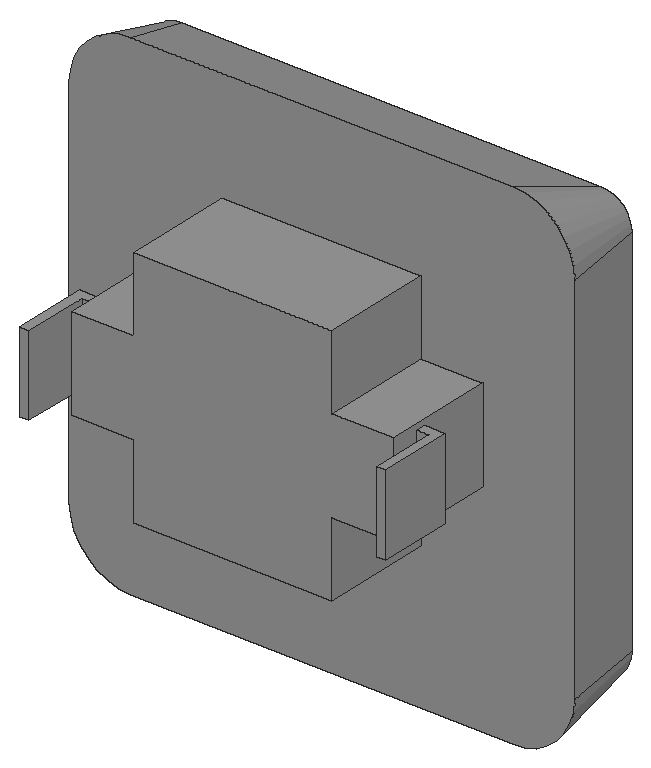
Revit family "IEK_Выключатель_Встраиваемый_10А двухклавишный IP20_ВЕГА", category Выключатели, Revit 2019
Family settings
  Сохранять ориентацию аннотаций = Да
  Размер круглого соединителя = Использовать диаметр
  Тип детали = Переключатель
  На основе рабочей плоскости = Нет
  Всегда вертикально = Да
  При загрузке вырезать с полостями = Нет
  Общий = Нет
  Точка расчета площади = Нет
Parameters (values of type "ВС10-2-0-ВБ")
  Ширина = 81.5 mm  # constant formula
  Тип монтажа = "Скрытый монтаж (в штукатурку)"  # constant formula
  Степень защиты = "IP20"  # constant formula
  Изготовитель = "IEK"  # constant formula
  Дата изменения = ""
  Глубина = 46 mm  # constant formula
  Высота = 80.5 mm  # constant formula
  ΔХ [instance] = 2000 mm
  ΔY [instance] = 2000 mm
  KSI_CPr_Строительные изделия = "20.4.01"  # constant formula
  KSI_CMa_Строительные материалы = "01.7.14.03"  # constant formula
  IEK_Цена за единицу = 113.54
  IEK_Поиск в таблице имен = ""
  IEK_Описание = "Серия «ВЕГА» включает в себя розетки и выключатели для скрытого монтажа, которые хорошо впишутся в любой интерьер квартир, загородных домов, офисных и производственных помещений."
  IEK_URL = "https://www.iek.ru/products/catalog/izdeliya_elektroustanovochnye_udliniteli_i_silovye_razemy/elektroustanovochnye_izdeliya/elektroustanovochnye_izdeliya_skrytogo_montazha/elektroustanovochnye_izdeliya_vega/vyklyuchatel_2_klavishnyy_vs10_2_0_vb_10a_vega_belyy_iek"
  ADSK_Ток [instance] = 10 A  # constant formula
  ADSK_Примечание = ""
  ADSK_Полная мощность [instance] = ADSK_Номинальная мощность / ADSK_Коэффициент мощности  # 2200 VA
  ADSK_Позиция [instance] = ""
  ADSK_Номинальная мощность [instance] = ADSK_Ток * ADSK_Напряжение * sqrt(ADSK_Количество фаз числовое) * ADSK_Коэффициент мощности  # 2200 W
  ADSK_Напряжение = 220 V
  ADSK_Наименование = "Выключатель 2-клавишный ВС10-2-0-ВБ 10А ВЕГА белый IEK"
  ADSK_Материал обозначение = ""
  ADSK_Материал наименование = "Пластик"  # constant formula
  ADSK_Материал = Цвет белый
  ADSK_Масса = 0.0589
  ADSK_Марка = "ВЕГА"  # constant formula
  ADSK_Коэффициент мощности [instance] = 1  # constant formula
  ADSK_Количество фаз числовое = 1
  ADSK_Количество фаз = 1
  ADSK_Код изделия = "EVV20-K01-10-DM"
  ADSK_Классификация нагрузок [instance] = Прочее
  ADSK_Завод-изготовитель = "IEK"  # constant formula
  ADSK_Единица измерения = "шт"  # constant formula
  ADSK_Группирование = "III ЭЛЕКТРОУСТАНОВОЧНЫЕ И ЭЛЕКТРОМОНТАЖНЫЕ ИЗДЕЛИЯ"  # constant formula
  ADSK_Версия семейства = "1.0"  # constant formula
  ADSK_Версия Revit = "2019"  # constant formula
  ADSK_URL страницы изделия = "https://www.iek.ru/products/catalog/izdeliya_elektroustanovochnye_udliniteli_i_silovye_razemy/elektroustanovochnye_izdeliya/elektroustanovochnye_izdeliya_skrytogo_montazha/elektroustanovochnye_izdeliya_vega/?pagec=10"
Reference planes
  plane 1 "По центру (Вперед/Назад)": y = 0
  plane 2: z = 0
  plane 3 "По центру (Влево/Вправо)": x = 0
  plane 4 "Высота ножек": z = 280
  plane 5 "Высота": z = 2081.496
  plane 6: x = -2000
  plane 7: y = 2000
Forms (mm)
  Extrusion 1, solid, material "Цвет белый" <- "ADSK_Материал", detail levels fine
    sketch origin (0, -492.152, 42.527) x (1, 0, 0) y (0, 1, 0)
      loop
        line (26, 480.152) -> (26, 478.652) -> (27.993, 478.652) -> (27.993, 468.152) -> (29.498, 468.152) -> (29.498, 480.152) -> (26, 480.152)
      loop
        line (-26, 480.152) -> (-29.498, 480.152) -> (-29.498, 468.152) -> (-27.993, 468.152) -> (-27.993, 478.652) -> (-26, 478.652) -> (-26, 480.152)
    from -5.817 to 7.183
  Extrusion 2, solid, detail levels coarse
    sketch origin (0, 0, 0) x (1, 0, 0) y (0, 1, 0)
      loop
        line (-40.75, -24) -> (40.75, -24) -> (40.75, 20) -> (-40.75, 20) -> (-40.75, -24)
    from 0 to 80.5
  Extrusion 3, solid, detail levels medium
    sketch origin (0, 0, 0) x (1, 0, 0) y (0, 1, 0)
      loop
        line (-40.75, 20) -> (-40.75, -24) -> (40.75, -24) -> (40.75, 20) -> (-40.75, 20)
    from 0 to 80.5
  Extrusion 4, void
    sketch origin (0, 0, 40.25) x (1, 0, 0) y (0, 0, -1)
      loop
        line (-29, -25) -> (29, -25) -> (29, 25) -> (-29, 25) -> (-29, -25)
    from 1 to 14.038
  Extrusion 5, solid, material "Цвет белый" <- "ADSK_Материал", detail levels fine
    sketch origin (0, 0, 39.887) x (0, 0, 1) y (0, -1, 0)
      loop
        line (-24.209, -5) -> (-24.209, -11.055)
        arc (-24.209, -11.055) -> (-22.524, -15.523) -> (-19.835, -19.47) r 20.163
        arc (-19.835, -19.47) -> (3.045, -18.975) -> (24.863, -12.066) r 80.547
        line (24.863, -12.066) -> (24.863, -5) -> (-24.209, -5)
    from -28.5 to -0.1
  Extrusion 6, solid, material "Цвет белый" <- "ADSK_Материал", detail levels fine
    sketch origin (0, 0, 40.25) x (1, 0, 0) y (0, 0, -1)
      loop
        line (16, -22.25) -> (16, -10.25) -> (26, -10.25) -> (26, 4.75) -> (16, 4.75) -> (16, 16.75) -> (-16, 16.75) -> (-16, 4.75) -> (-26, 4.75) -> (-26, -10.25) -> (-16, -10.25) -> (-16, -22.25) -> (16, -22.25)
    from -18 to 0
  Extrusion 7, solid, material "Цвет белый" <- "ADSK_Материал", detail levels fine
    sketch origin (0, 0, 39.887) x (0, 0, 1) y (0, 1, 0)
      loop
        line (-24.209, 5) -> (24.863, 5) -> (24.863, 12.066)
        arc (24.863, 12.066) -> (3.045, 18.975) -> (-19.835, 19.47) r 80.547
        arc (-19.835, 19.47) -> (-22.524, 15.523) -> (-24.209, 11.055) r 20.163
        line (-24.209, 11.055) -> (-24.209, 5)
    from -28.5 to -0.1
  Blend 8, solid, material "Цвет белый" <- "ADSK_Материал", detail levels fine
    base sketch origin (0, 0, 40.25) x (1, 0, 0) y (0, 0, -1)
      loop
        arc (40.75, 30.25) -> (37.821, 37.321) -> (30.75, 40.25) r 10
        line (30.75, 40.25) -> (-30.75, 40.25)
        arc (-30.75, 40.25) -> (-37.821, 37.321) -> (-40.75, 30.25) r 10
        line (-40.75, 30.25) -> (-40.75, -30.25)
        arc (-40.75, -30.25) -> (-37.821, -37.321) -> (-30.75, -40.25) r 10
        line (-30.75, -40.25) -> (30.75, -40.25)
        arc (30.75, -40.25) -> (37.821, -37.321) -> (40.75, -30.25) r 10
        line (40.75, -30.25) -> (40.75, 30.25)
    top sketch origin (0, 0, 40.25) x (1, 0, 0) y (0, 0, -1)
      loop
        arc (-38.75, -30.25) -> (-37.286, -33.786) -> (-33.75, -35.25) r 5
        line (-33.75, -35.25) -> (33.75, -35.25)
        arc (33.75, -35.25) -> (37.286, -33.786) -> (38.75, -30.25) r 5
        line (38.75, -30.25) -> (38.75, 30.25)
        arc (38.75, 30.25) -> (37.286, 33.786) -> (33.75, 35.25) r 5
        line (33.75, 35.25) -> (-33.75, 35.25)
        arc (-33.75, 35.25) -> (-37.286, 33.786) -> (-38.75, 30.25) r 5
        line (-38.75, 30.25) -> (-38.75, -30.25)
    from 0 to 14
Cuts and joins
  Extrusion 4 cuts Blend 8
Lines and regions (mm)
  reference lines
    curve 1: line (0, 44.647, 0) -> (0, -55.353, 0)
    curve 2: line (-23.829, 0, 0) -> (76.171, 0, 0)
Dimensions and locks
  locked: plane 4 "Высота ножек" to plane 2 at 280
  plane 5 "Высота" to plane 4 "Высота ножек" = 1801.496 mm
  "ΔХ": plane 6 to curve 1
  "ΔY": plane 7 to curve 2
  aligned and locked: level to plane 2
  aligned and locked: curve 2 to nested 1
  aligned and locked: nested 1 to curve 1
Automatic sketch dimensions
  plane 1 "По центру (Вперед/Назад)" to Extrusion 1 sketch curve = 12 mm  (x2)
  Extrusion 1 sketch curve to plane 3 "По центру (Влево/Вправо)" = 29.498 mm
  Extrusion 1 sketch curve to Extrusion 1 sketch curve = 1.504 mm  (x2)
  Extrusion 1 sketch curve to Extrusion 1 sketch curve = 1.993 mm  (x2)
  plane 3 "По центру (Влево/Вправо)" to Extrusion 1 sketch curve = 26 mm
  Extrusion 1 sketch curve to Extrusion 1 sketch curve = 1.5 mm  (x2)
  Extrusion 1 sketch curve to Extrusion 1 sketch curve = 10.5 mm  (x2)
  Extrusion 2 sketch curve to plane 1 "По центру (Вперед/Назад)" = 20 mm
  Extrusion 2 sketch curve to plane 3 "По центру (Влево/Вправо)" = 40.75 mm
  plane 3 "По центру (Влево/Вправо)" to Extrusion 2 sketch curve = 40.75 mm
  plane 1 "По центру (Вперед/Назад)" to Extrusion 2 sketch curve = 24 mm
  Extrusion 3 sketch curve to plane 3 "По центру (Влево/Вправо)" = 40.75 mm
  plane 3 "По центру (Влево/Вправо)" to Extrusion 3 sketch curve = 40.75 mm
  plane 1 "По центру (Вперед/Назад)" to Extrusion 3 sketch curve = 24 mm
  Extrusion 3 sketch curve to plane 1 "По центру (Вперед/Назад)" = 20 mm
  level to Extrusion 4 sketch curve = 15.25 mm
  Extrusion 4 sketch curve to plane 3 "По центру (Влево/Вправо)" = 29 mm
  Extrusion 4 sketch curve to Extrusion 4 sketch curve = 58 mm
  level to Extrusion 4 sketch curve = 65.25 mm
  level to Extrusion 5 sketch curve = 15.678 mm
  level to Extrusion 5 sketch curve = 29.77 mm
  level to Extrusion 5 sketch curve = 35.254 mm
  level to Extrusion 5 sketch curve = 64.75 mm
  Extrusion 5 sketch curve to plane 1 "По центру (Вперед/Назад)" = 12.066 mm
  Extrusion 5 sketch curve to Extrusion 5 sketch curve = 1.011 mm
  Extrusion 5 sketch curve to Extrusion 5 sketch curve = 4.83 mm
  Extrusion 5 sketch curve to Extrusion 5 sketch curve = 7.066 mm
  Extrusion 5 sketch curve to Extrusion 5 sketch curve = 66.713 mm
  level to Extrusion 6 sketch curve = 50.5 mm  (x2)
  Extrusion 6 sketch curve to plane 3 "По центру (Влево/Вправо)" = 26 mm
  Extrusion 6 sketch curve to Extrusion 6 sketch curve = 10 mm  (x3)
  Extrusion 6 sketch curve to Extrusion 6 sketch curve = 32 mm
  level to Extrusion 6 sketch curve = 35.5 mm  (x2)
  Extrusion 6 sketch curve to Extrusion 6 sketch curve = 0 mm
  Extrusion 6 sketch curve to Extrusion 6 sketch curve = 12 mm  (x2)
  level to Extrusion 7 sketch curve = 15.678 mm
  level to Extrusion 7 sketch curve = 29.77 mm
  level to Extrusion 7 sketch curve = 35.254 mm
  level to Extrusion 7 sketch curve = 64.75 mm
  plane 1 "По центру (Вперед/Назад)" to Extrusion 7 sketch curve = 60.489 mm
  Extrusion 7 sketch curve to Extrusion 7 sketch curve = 65.489 mm
  Extrusion 7 sketch curve to Extrusion 7 sketch curve = 1.224 mm
  Extrusion 7 sketch curve to Extrusion 7 sketch curve = 6.055 mm
  Extrusion 7 sketch curve to Extrusion 7 sketch curve = 7.066 mm
  level to Blend 8 sketch curve = 10 mm  (x2)
  Blend 8 sketch curve to plane 3 "По центру (Влево/Вправо)" = 40.75 mm
  Blend 8 sketch curve to Blend 8 sketch curve = 10 mm  (x3)
  Blend 8 sketch curve to Blend 8 sketch curve = 61.5 mm  (x2)
  level to Blend 8 sketch curve = 70.5 mm  (x3)
  Blend 8 sketch curve to plane 3 "По центру (Влево/Вправо)" = 38.75 mm
  Blend 8 sketch curve to Blend 8 sketch curve = 5 mm  (x2)
  Blend 8 sketch curve to Blend 8 sketch curve = 67.5 mm
  Blend 8 sketch curve to Blend 8 sketch curve = 0 mm
  curve 2 to plane 3 "По центру (Влево/Вправо)" = 23.829 mm
  plane 3 "По центру (Влево/Вправо)" to curve 2 = 76.171 mm
  plane 1 "По центру (Вперед/Назад)" to curve 1 = 55.353 mm
  curve 1 to plane 1 "По центру (Вперед/Назад)" = 44.647 mm
Nested families
  nested 1: "УГО Выключателя" at (0, 0, 0), type "2K-C", detail levels coarse+medium
    with IP44 no
Connectors
  electrical at (0, -24, 40.25), driven by "ADSK_Количество фаз", driven by "ADSK_Классификация нагрузок", driven by "ADSK_Напряжение", driven by "ADSK_Полная мощность", driven by "ADSK_Коэффициент мощности"
    settings: on Extrusion 2, index 1, voltage 220 V, apparent load 0 VA, apparent load phase1 2200 VA, apparent load phase2 0 VA, apparent load phase3 0 VA, power factor 1, load classification "Прочее", number of poles 1, system type 31, power factor state 1, is connector primary yes, connector utility no, sub classification motor no, connector description ""
Definition of nested family "УГО Выключателя"
  Parameters (values of type "3K-O")
    IP44 [instance] = no
    3K-C = no
    2K-C = no
    1K-C = no
    3K-O = yes
    2K-O = no
    1K-O = no
  Types (6, lengths in mm): name | 3K-C | 2K-C | 1K-C | 3K-O | 1K-O
    2K-O | no | no | no | yes | no
    3K-O | no | no | no | yes | no
    2K-C | no | yes | no | no | no
    1K-O | no | no | no | no | yes
    1K-C | no | no | yes | no | no
    3K-C | yes | no | no | no | no
  Reference planes
    plane 1: y = 0
    plane 2: x = 0
  Lines and regions (mm)
    Filled region 1, type "Цветовая область 1", visible <- "IP44"
      outline origin (0, 0, 0) x (1, 0, 0) y (0, 1, 0)
        loop
          circle (0.006, 0.994) r 0.994
    Filled region 2, type "Цветовая область 1", visible <- "IP44", not visible
      outline origin (0, 0, 0) x (1, 0, 0) y (0, 1, 0)
        loop
          circle (0, 2.214) r 0.994
    Filled region 3, type "Цветовая область 1", visible <- "IP44"
      outline origin (-1.562, 0, 0) x (1, 0, 0) y (0, 1, 0)
        loop
          circle (1.569, 0.994) r 0.994
    Filled region 4, type "Цветовая область 1", visible <- "1K-O"
      outline origin (0, 6.25, 0) x (1, 0, 0) y (0, 1, 0)
        loop
          circle (0.006, -5.256) r 0.994
    Filled region 5, type "Цветовая область 1", visible <- "IP44"
      outline origin (-1.562, 0, 0) x (1, 0, 0) y (0, 1, 0)
        loop
          circle (1.569, 0.994) r 0.994
    Filled region 6, type "Цветовая область 1", visible <- "IP44"
      outline origin (0, 0, 0) x (1, 0, 0) y (0, 1, 0)
        loop
          circle (0.006, 0.994) r 0.994
    Filled region 7, type "Цветовая область 1", visible <- "IP44", not visible
      outline origin (-1.562, 0, 0) x (1, 0, 0) y (0, 1, 0)
        loop
          circle (11.009, 9.276) r 0.994
    Filled region 8, type "Цветовая область 1", visible <- "1K-O", not visible
      outline origin (0, 6.25, 0) x (1, 0, 0) y (0, 1, 0)
        loop
          circle (15.194, 9.276) r 0.994
    Filled region 9, type "Цветовая область 1", visible <- "IP44", not visible
      outline origin (-1.562, 0, 0) x (1, 0, 0) y (0, 1, 0)
        loop
          circle (23.521, 9.279) r 0.994
    Filled region 10, type "Цветовая область 1", visible <- "IP44", not visible
      outline origin (0, 0, 0) x (1, 0, 0) y (0, 1, 0)
        loop
          circle (28.604, 9.279) r 0.994
    Filled region 11, type "Цветовая область 1", visible <- "IP44", not visible
      outline origin (0, 0, 0) x (1, 0, 0) y (0, 1, 0)
        loop
          circle (32.789, 9.279) r 0.994
    Filled region 12, type "Цветовая область 1", visible <- "IP44"
      outline origin (0, 0, 0) x (1, 0, 0) y (0, 1, 0)
        loop
          circle (0.006, 0.994) r 0.994
    detail lines, visible <- "3K-O"
      curve 1: line (0.867, 1.49, 0) -> (3.037, 2.744, 0)
      curve 2: line (0.645, 1.755, 0) -> (2.256, 3.675, 0)
      curve 3: line (0.33, 1.933, 0) -> (1.146, 4.303, 0)
      curve 7: circle (0.006, 0.994, 0) r 0.994 normal (0, 0, 1)
      curve 16: line (3.037, 2.744, 0) -> (3.437, 2.051, 0)
      curve 17: line (2.256, 3.675, 0) -> (2.869, 3.161, 0)
      curve 18: line (1.146, 4.303, 0) -> (1.902, 4.042, 0)
    detail lines, visible <- "2K-O"
      curve 4: line (0.756, 1.645, 0) -> (2.648, 3.29, 0)
      curve 5: line (0.488, 1.863, 0) -> (1.703, 4.055, 0)
      curve 8: circle (0.006, 0.994, 0) r 0.994 normal (0, 0, 1)
      curve 19: line (2.648, 3.29, 0) -> (3.173, 2.686, 0)
      curve 20: line (1.703, 4.055, 0) -> (2.403, 3.667, 0)
    detail lines, visible <- "1K-O"
      curve 6: line (0.576, 1.808, 0) -> (2.014, 3.861, 0)
      curve 9: circle (0.006, 0.994, 0) r 0.994 normal (0, 0, 1)
      curve 21: line (2.014, 3.861, 0) -> (2.669, 3.402, 0)
    detail lines, visible <- "3K-C"
      curve 10: line (0.867, 1.49, 0) -> (3.037, 2.744, 0)
      curve 11: line (0.645, 1.755, 0) -> (2.256, 3.675, 0)
      curve 12: line (0.33, 1.933, 0) -> (1.146, 4.303, 0)
      curve 14: circle (0.006, 0.994, 0) r 0.994 normal (0, 0, 1)
      curve 23: line (2.812, 3.133, 0) -> (3.262, 2.354, 0)
      curve 24: line (1.911, 3.964, 0) -> (2.601, 3.386, 0)
      curve 25: line (0.72, 4.449, 0) -> (1.571, 4.156, 0)
    detail lines, visible <- "1K-C"
      curve 13: line (0.576, 1.808, 0) -> (2.014, 3.861, 0)
      curve 15: circle (0.006, 0.994, 0) r 0.994 normal (0, 0, 1)
      curve 22: line (1.645, 4.119, 0) -> (2.383, 3.603, 0)
    detail lines, visible <- "3K-O", not visible
      curve 26: line (0.86, 2.711, 0) -> (3.031, 3.964, 0)
      curve 27: line (0.639, 2.975, 0) -> (2.25, 4.895, 0)
      curve 28: line (0.323, 3.154, 0) -> (1.139, 5.524, 0)
      curve 29: circle (0, 2.214, 0) r 0.994 normal (0, 0, 1)
      curve 30: line (3.031, 3.964, 0) -> (3.431, 3.272, 0)
      curve 31: line (2.25, 4.895, 0) -> (2.863, 4.381, 0)
      curve 32: line (1.139, 5.524, 0) -> (1.896, 5.263, 0)
    detail lines, visible <- "2K-O", not visible
      curve 33: line (10.196, 9.928, 0) -> (12.088, 11.572, 0)
      curve 34: line (9.928, 10.145, 0) -> (11.143, 12.337, 0)
      curve 35: circle (9.446, 9.276, 0) r 0.994 normal (0, 0, 1)
      curve 36: line (12.088, 11.572, 0) -> (12.613, 10.968, 0)
      curve 37: line (11.143, 12.337, 0) -> (11.843, 11.949, 0)
    detail lines, visible <- "1K-O", not visible
      curve 38: line (15.764, 16.34, 0) -> (17.201, 18.393, 0)
      curve 39: circle (15.194, 15.526, 0) r 0.994 normal (0, 0, 1)
      curve 40: line (17.201, 18.393, 0) -> (17.857, 17.934, 0)
    detail lines, visible <- "3K-C", not visible
      curve 41: line (22.819, 9.775, 0) -> (24.99, 11.029, 0)
      curve 42: line (22.597, 10.04, 0) -> (24.208, 11.96, 0)
      curve 43: line (22.282, 10.218, 0) -> (23.098, 12.588, 0)
      curve 44: circle (21.958, 9.279, 0) r 0.994 normal (0, 0, 1)
      curve 45: line (24.765, 11.418, 0) -> (25.215, 10.639, 0)
      curve 46: line (23.863, 12.249, 0) -> (24.553, 11.67, 0)
      curve 47: line (22.672, 12.734, 0) -> (23.523, 12.441, 0)
    detail lines, visible <- "2K-C", not visible
      curve 48: line (29.354, 9.93, 0) -> (31.246, 11.575, 0)
      curve 49: line (29.086, 10.148, 0) -> (30.301, 12.34, 0)
      curve 50: circle (28.604, 9.279, 0) r 0.994 normal (0, 0, 1)
      curve 51: line (30.951, 11.914, 0) -> (31.541, 11.235, 0)
      curve 52: line (29.908, 12.558, 0) -> (30.695, 12.122, 0)
    detail lines, visible <- "1K-C", not visible
      curve 53: line (33.359, 10.092, 0) -> (34.797, 12.146, 0)
      curve 54: circle (32.789, 9.279, 0) r 0.994 normal (0, 0, 1)
      curve 55: line (34.428, 12.404, 0) -> (35.165, 11.887, 0)
    detail lines, visible <- "2K-C"
      curve 56: line (0.756, 1.645, 0) -> (2.648, 3.29, 0)
      curve 57: line (0.488, 1.863, 0) -> (1.703, 4.055, 0)
      curve 58: circle (0.006, 0.994, 0) r 0.994 normal (0, 0, 1)
      curve 59: line (2.353, 3.629, 0) -> (2.943, 2.95, 0)
      curve 60: line (1.31, 4.273, 0) -> (2.097, 3.837, 0)
    detail lines
      curve 61: line (0.006, 0, 0) -> (0.006, 2.454, 0)
      curve 62: line (0.006, 0, 0) -> (2.217, 0, 0)
